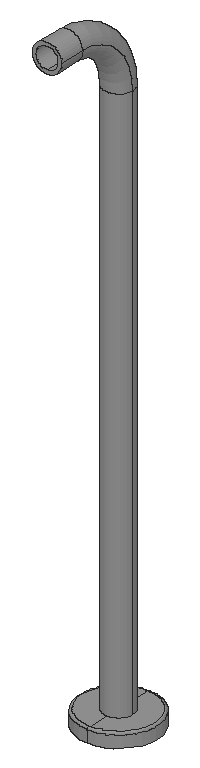
Revit family "Shower-Shower_Arm-KOHLER-K-26307T_1", category Plumbing Fixtures, host Face, Revit 2017
Family settings
  Host = Face
  Round Connector Dimension = Use Diameter
  Part Type = Normal
  OmniClass Number = 23.31.17.00
  OmniClass Title = Showers
  Cut with Voids When Loaded = No
  Shared = No
  Room Calculation Point = No
Parameters (values of type "Not a Type-See Type Catalog")
  Width = 2 21/128"  # constant formula
  WaterSense Certified = 1 = 0  # no
  Waste Water Outlet = "Waste Water Outlet"  # constant formula
  Waste Connection = 1 = 0  # no
  Vent Connection = 1 = 0  # no
  URL = "http://www.kohler.com.cn/"
  Type = 0
  Product Page URL = ""
  Product Name = ""
  Product Documentation Link = ""
  Pressure = 0.00 psi
  Model = if(Type = 1, "K-26307T-CP", if(Type = 2, "K-26307T-2MB", if(Type = 3, "K-26307T-AF", if(Type = 4, "K-26307T-BL", if(Type = 5, "K-26307T-BN", if(Type = 6, "K-26307T-RGD", if(Type = 7, "K-26307T-SN", "NA")))))))  # "NA"
  Material = "Brass Construction"  # constant formula
  Master Format 2014 Name = "Residential Showers"  # constant formula
  Master Format 2014 = "22 42 23"  # constant formula
  Manufacturer Address = "Kohler Beijing Office (100016) 36-2-03-B, No. 88, Liuxiang Road, Beijing"  # constant formula
  Manufacturer = "KOHLER Co."  # constant formula
  Length = 17.83465"  # constant formula
  Hot Water Inlet = "Tempered Water Inlet"  # constant formula
  Height = 2 21/128"  # constant formula
  HW Connection = 1 = 1  # yes
  Flow Rate = 0 GPM
  Finish = Default
  Environmental Product Declaration = ""
  Drain Included = 1 = 0  # no
  Description = "Wall mount right angle, single function- 19 inch"  # constant formula
  Default Elevation = 72"
  Declare Label = ""
  Date Modified = "02/09/2021"  # constant formula
  Date Created = "02/09/2021"  # constant formula
  Copyright = "Copyright KOHLER Co."  # constant formula
  Contact Us = "http://www.kohler.com.cn/contact/contact-us/"
  Cold Water Inlet = "Cold Water Inlet"  # constant formula
  CW Connection = 1 = 0  # no
  Assembly Code = "D2010700"
  ADA Compliant = 1 = 0  # no
Reference planes (in)
  plane 1 "Center (Front/Back)": y = 0
  plane 2: z = 0
  plane 3 "Center (Left/Right)": x = 0
  plane 4: x = 1.08268
  plane 5: x = 0.40668
  plane 6: y = -2.5
  plane 7: y = -1.08268
  plane 8: y = 1.08139
  plane 9: x = -1.08139
  plane 10: x = -0.40668
  plane 11: z = 17.83465
  plane 12: z = 0.3937
  plane 13: z = 18.25438
  plane 14: y = 0.40551
  plane 15: y = -0.40551
Dimensions and locks (in)
  level to plane 12 = 0.3937"
  "Width": plane 9 to plane 4
  plane 1 "Center (Front/Back)" to plane 6 = 2 1/2"
  "Height": plane 7 to plane 8
  "Length": level to plane 11
  aligned and locked: plane 2 to host face
  aligned and locked: level to host face
Automatic sketch dimensions
  host sketch curve to host sketch curve = 96"  (x2)
Nested families (in)
  nested 1: "K-26307T" at (0, 0, 0), type "K-26307T"
Connectors (in)
  piping at (0, 0, 0), diameter 0.5, driven by "Flow Rate", driven by "HW Connection", driven by "Hot Water Inlet"
    settings: on nested 1, index 1, connector inside diameter 24", connector length 0", flow factor 0, pipe flow 0 GPM, pressure drop 0.00 psi, fitting loss kfactor 0, connector angle 0.00°, fixture units 0, engagement length 0", angle of deflection 0.00°, flow configuration 0, flow direction 1, fitting loss method 0, system type 19, joint type 0, gender type 0, connector reference index -1, connector utility 1, adjustable connector no, is connector primary yes, connector description "Tempered Water Inlet"
Definition of nested family "K-26307T"
  Parameters (values of type "K-26307T")
    Material = none
  Reference planes (in)
    plane 1 "Center (Front/Back)": y = 0
    plane 2: z = 0
    plane 3 "Center (Left/Right)": x = 0
    plane 4: x = -1.08268
    plane 5: x = 1.08268
    plane 6: z = 17.84646
    plane 7: x = -0.40668
    plane 8: x = 0.40668
    plane 9: z = 0.3937
    plane 10: y = 1.08268
    plane 11: y = 0.40551
    plane 12: y = -1.08268
    plane 13: y = -0.40551
    plane 14: y = -2.5
  Forms (in)
    Revolve 1, solid, material <- "Material", detail levels medium+fine
      sketch origin (0, 0, 0) x (0, 1, 0) y (0, 0, 1)
        loop
          line (0, 0) -> (1.08268, 0) -> (1.08268, 0.33385)
          arc (1.08268, 0.33385) -> (1.06515, 0.37617) -> (1.02283, 0.3937) r 0.05985
          line (1.02283, 0.3937) -> (0, 0.3937) -> (0, 0)
        axis (0, 0.3937) -> (0, 0)
      angle from 0 to 360
    Sweep 2, solid, material <- "Material", detail levels medium+fine
      path origin (0, 0, 0) x (0, 1, 0) y (0, 0, 1)
        loop
          line (-2.5, 17.84646) -> (-1.77165, 17.84646)
          arc (-1.77165, 17.84646) -> (-0.51891, 17.32755) -> (0, 16.0748) r 1.77165
          line (0, 16.0748) -> (0, 0)
      profile origin (0, -2.13583, 17.84646) x (0, 0, 1) y (1, 0, 0)
        loop
          circle (0, 0) r 0.40551
    Revolve 3, void
      sketch origin (0, 0, 0) x (0, 1, 0) y (0, 0, 1)
        loop
          line (-2.62291, 17.84646) -> (-1.90945, 17.84646) -> (-1.90945, 18.15571) -> (-2.62291, 18.15571) -> (-2.62291, 17.84646)
        axis (-1.90945, 17.84646) -> (-2.62291, 17.84646)
      angle from 0 to 360
    Extrusion 4, solid, material <- "Material", detail levels medium+fine
      sketch origin (0, 0, 0) x (1, 0, 0) y (0, 1, 0)
        loop
          circle (0, 0) r 0.25
      from 0 to 0.08805
    Sweep 5, solid, material <- "Material", detail levels coarse
      path origin (0, 0, 0) x (0, 1, 0) y (0, 0, 1)
        loop
          line (-2.5, 17.84646) -> (-1.66347, 17.84646)
          arc (-1.66347, 17.84646) -> (-0.48722, 17.35924) -> (0, 16.18299) r 1.66347
          line (0, 16.18299) -> (0, 0)
      profile origin (0, -2.08173, 17.84646) x (0, 0, 1) y (1, 0, 0)
        loop
          circle (0, 0) r 0.40551
    Revolve 6, solid, material <- "Material", detail levels coarse
      sketch origin (0, 0, 0) x (0, 1, 0) y (0, 0, 1)
        loop
          line (0, 0) -> (1.08268, 0) -> (1.08268, 0.3937) -> (0, 0.3937) -> (0, 0)
        axis (0, 0.3937) -> (0, 0)
      angle from 0 to 360
  Cuts and joins
    Revolve 3 cuts Sweep 2
    joined: Revolve 1, Sweep 2
    joined: Sweep 5, Revolve 6
  Lines and regions (in)
    Masking region 1
      outline origin (0, 0, 0) x (1, 0, 0) y (0, 1, 0)
        loop
          arc (0.40668, -1.00339) -> (0, 1.08268) -> (-0.40668, -1.00339) r 1.08268
          line (-0.40668, -1.00339) -> (-0.40668, -2.5) -> (0.40668, -2.5) -> (0.40668, -1.00339)
    Masking region 2
      outline origin (0, 0, 0) x (1, 0, 0) y (0, 0, 1)
        loop
          line (-1.08268, 0) -> (1.08268, 0) -> (1.08268, 0.33402)
          arc (1.08268, 0.33402) -> (1.0652, 0.37622) -> (1.023, 0.3937) r 0.05968
          line (1.023, 0.3937) -> (0.40668, 0.3937) -> (0.40668, 17.8477)
          arc (0.40668, 17.8477) -> (0, 18.25438) -> (-0.40668, 17.8477) r 0.40668
          line (-0.40668, 17.8477) -> (-0.40668, 0.3937) -> (-1.023, 0.3937)
          arc (-1.023, 0.3937) -> (-1.0652, 0.37622) -> (-1.08268, 0.33402) r 0.05968
          line (-1.08268, 0.33402) -> (-1.08268, 0)
    Masking region 3
      outline origin (0, 0, 0) x (0, 1, 0) y (0, 0, 1)
        loop
          line (0, 0) -> (1.08268, 0) -> (1.08268, 0.33385)
          arc (1.08268, 0.33385) -> (1.06515, 0.37617) -> (1.02283, 0.3937) r 0.05985
          line (1.02283, 0.3937) -> (0.40551, 0.3937) -> (0.40551, 16.0748)
          arc (0.40551, 16.0748) -> (-0.23217, 17.61429) -> (-1.77165, 18.25197) r 2.17717
          line (-1.77165, 18.25197) -> (-2.5, 18.25197) -> (-2.5, 17.44094) -> (-1.77165, 17.44094)
          arc (-1.77165, 17.44094) -> (-0.80565, 17.04081) -> (-0.40551, 16.0748) r 1.36614
          line (-0.40551, 16.0748) -> (-0.40551, 0.3937) -> (-1.02283, 0.3937)
          arc (-1.02283, 0.3937) -> (-1.06515, 0.37617) -> (-1.08268, 0.33385) r 0.05985
          line (-1.08268, 0.33385) -> (-1.08268, 0) -> (0, 0)
    symbolic lines, detail levels medium+fine
      curve 1: line (0, -1.74822, 18.25184) -> (0, -1.74822, 17.44074)
      curve 2: line (0, 0.40551, 16.0748) -> (0, -0.40551, 16.0748)
      curve 3: line (0, 0.40551, 0.3937) -> (0, -0.40551, 0.3937)
      curve 4: line (0, 1.08268, 0.33385) -> (0, -1.08268, 0.33385)
      curve 5: line (0, -2.42133, 18.25197) -> (0, -2.45566, 17.44094)
      curve 6: line (0, -2.34266, 18.25197) -> (0, -2.37699, 17.44094)
      curve 7: line (0, -2.26399, 18.25197) -> (0, -2.29831, 17.44094)
      curve 8: line (0, -2.18531, 18.25197) -> (0, -2.21964, 17.44094)
      curve 9: line (0, -2.10664, 18.25197) -> (0, -2.14097, 17.44094)
      curve 10: line (0, -2.02797, 18.25197) -> (0, -2.0623, 17.44094)
      curve 11: line (0, -1.9493, 18.25197) -> (0, -1.98363, 17.44094)
      curve 12: line (0, -1.87063, 18.25197) -> (0, -1.90496, 17.44094)
      curve 13: line (-0.40668, 0, 16.0748) -> (0.40668, 0, 16.0748)
      curve 14: line (-0.40668, 0, 0.3937) -> (0.40668, 0, 0.3937)
      curve 15: line (-0.40551, -1.00387, 0) -> (-0.40551, -0.92944, 0)
      curve 16: line (0.40551, -1.00387, 0) -> (0.40551, -0.92944, 0)
      curve 17: arc (-0.40551, 0, 0) -> (0, 0.40551, 0) -> (0.40551, 0, 0) r 0.40551
      curve 18: line (-0.40551, -0.92944, 0) -> (-0.40551, 0, 0)
      curve 19: arc (0.40551, -0.92944, 0) -> (0, 1.01405, 0) -> (-0.40551, -0.92944, 0) r 1.01405
      curve 20: line (0.40551, -0.92944, 0) -> (0.40551, 0, 0)
      curve 21: line (-0.40668, -1.75193, 0) -> (0.40668, -1.75193, 0)
      curve 22: line (-0.40668, -2.44203, 0) -> (0.40668, -2.47622, 0)
      curve 23: line (-0.40668, -2.36967, 0) -> (0.40668, -2.40386, 0)
      curve 24: line (-0.40668, -2.29732, 0) -> (0.40668, -2.33151, 0)
      curve 25: line (-0.40668, -2.22497, 0) -> (0.40668, -2.25916, 0)
      curve 26: line (-0.40668, -2.15261, 0) -> (0.40668, -2.1868, 0)
      curve 27: line (-0.40668, -2.08026, 0) -> (0.40668, -2.11445, 0)
      curve 28: line (-0.40668, -2.0079, 0) -> (0.40668, -2.04209, 0)
      curve 29: arc (-0.40551, -0.12788, 0) -> (0, 0.4252, 0) -> (0.40551, -0.12788, 0) r 0.4252
      curve 30: line (-1.08268, 0, 0.33402) -> (1.08268, 0, 0.33402)
      curve 31: circle (0, 0, 0.16677) r 0.08423 normal (0, -1, 0)
  Dimensions and locks (in)
    aligned and locked: plane 2 to level
